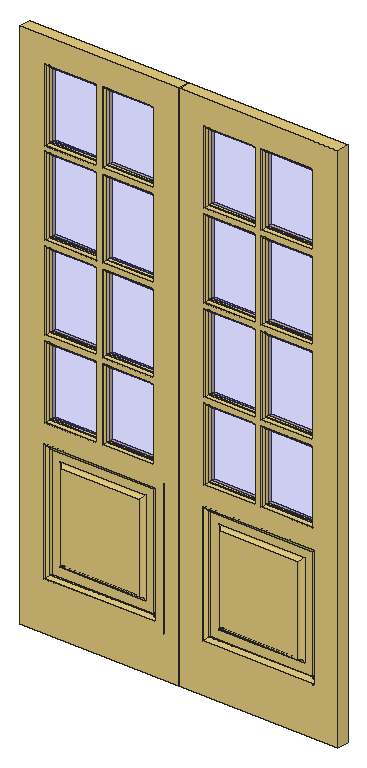
Revit family "DTI_A3-L8RP-Double", category Generic Models, Revit 2016
Family settings
  Part Type = Undefined
  Can host rebar = No
  Round Connector Dimension = Use Diameter
  Work Plane-Based = No
  Always vertical = Yes
  Cut with Voids When Loaded = No
  Shared = No
  Room Calculation Point = No
Parameters (values of type "Double Door")
  Width = 1206 mm
  Height = 2032 mm
  Glass Material = Glass
  Frame Material = Kiln Dried Wood
Reference planes
  plane 1 "Center (Front/Back)": y = 0
  plane 2: z = 0
  plane 3 "Center (Left/Right)": x = 0
  plane 4: x = -603
  plane 5: x = 603
  plane 6: z = 2032
  plane 7: z = 1972
  plane 8: z = 155
  plane 9: z = 1354.667
  plane 10: z = 677.333
  plane 11: z = 682.583
  plane 12: z = 672.083
  plane 13: x = -543
  plane 14: x = -60
  plane 15: x = 60
  plane 16: x = 543
  plane 17: x = -301.5
  plane 18: z = 1004.938
  plane 19: x = 301.5
  plane 20: z = 1327.292
  plane 21: z = 1649.646
Forms (mm)
  Sweep 1, solid, material "Kiln Dried Wood" <- "Frame Material"
    path origin (0, 0, 0) x (1, 0, 0) y (0, 0, 1)
      loop
        line (-603, 0) -> (0, 0)
    profile "Solid B : Solid B" origin (-301.5, 0, 0) x (0, 0, 1) y (0, -1, 0)
      loop
        line (0, -22) -> (185, -22) -> (185, -20) -> (200, -11) -> (200, -6) -> (155, -6) -> (155, 6) -> (200, 6) -> (200, 11) -> (185, 20) -> (185, 22) -> (0, 22) -> (0, -22)
  Sweep 2, solid, material "Kiln Dried Wood" <- "Frame Material"
    path origin (0, 0, 0) x (1, 0, 0) y (0, 0, 1)
      loop
        line (-603, 677.333) -> (-603, 2032) -> (0, 2032) -> (0, 677.333)
    profile "Glass T : Glass T" origin (-301.5, 0, 2032) x (0, 0, 1) y (0, -1, 0)
      loop
        line (0, -22) -> (0, 22) -> (-95, 22) -> (-95, 20)
        arc (-95, 20) -> (-100.657, 17.657) -> (-103, 12) r 8
        line (-103, 12) -> (-105, 12) -> (-105, 2) -> (-60, 2) -> (-60, -10) -> (-96, -10) -> (-96, -22) -> (0, -22)
  Extrusion 3, solid, material "Glass" <- "Glass Material"
    sketch origin (0, 0, 0) x (1, 0, 0) y (0, 1, 0)
      loop
        line (-543, 10) -> (-543, -2) -> (-60, -2) -> (-60, 10) -> (-543, 10)
    from 682.583 to 1972
  Sweep 4, solid, material "Kiln Dried Wood" <- "Frame Material"
    path origin (0, 0, 0) x (1, 0, 0) y (0, 0, 1)
      loop
        line (0, 677.333) -> (0, 2032) -> (603, 2032) -> (603, 677.333)
    profile "Glass T : Glass T" origin (301.5, 0, 2032) x (0, 0, 1) y (0, -1, 0)
      loop
        line (0, -22) -> (0, 22) -> (-95, 22) -> (-95, 20)
        arc (-95, 20) -> (-100.657, 17.657) -> (-103, 12) r 8
        line (-103, 12) -> (-105, 12) -> (-105, 2) -> (-60, 2) -> (-60, -10) -> (-96, -10) -> (-96, -22) -> (0, -22)
  Sweep 5, solid, material "Kiln Dried Wood" <- "Frame Material"
    path origin (0, 0, 0) x (1, 0, 0) y (0, 0, 1)
      loop
        line (0, 0) -> (603, 0)
    profile "Solid B : Solid B" origin (301.5, 0, 0) x (0, 0, 1) y (0, -1, 0)
      loop
        line (0, -22) -> (185, -22) -> (185, -20) -> (200, -11) -> (200, -6) -> (155, -6) -> (155, 6) -> (200, 6) -> (200, 11) -> (185, 20) -> (185, 22) -> (0, 22) -> (0, -22)
  Extrusion 6, solid, material "Glass" <- "Glass Material"
    sketch origin (0, 0, 0) x (1, 0, 0) y (0, 1, 0)
      loop
        line (60, 10) -> (60, -2) -> (543, -2) -> (543, 10) -> (60, 10)
    from 682.583 to 1972
  Sweep 7, solid, material "Kiln Dried Wood" <- "Frame Material"
    path origin (0, 0, 0) x (1, 0, 0) y (0, 0, 1)
      loop
        line (-603, 677.333) -> (0, 677.333)
    profile "Glass M spec : Glass M spec" origin (-301.5, 0, 677.333) x (0, 0, 1) y (0, -1, 0)
      loop
        line (40.25, 22) -> (-35.25, 22) -> (-35.25, 20) -> (-50.25, 11) -> (-50.25, 6) -> (-5.25, 6) -> (-5.25, -6) -> (-50.25, -6) -> (-50.25, -11) -> (-35.25, -20) -> (-35.25, -22) -> (41.25, -22) -> (41.25, -10) -> (5.25, -10) -> (5.25, 2) -> (50.25, 2) -> (50.25, 12) -> (48.25, 12)
        arc (48.25, 12) -> (45.907, 17.657) -> (40.25, 20) r 8
        line (40.25, 20) -> (40.25, 22)
  Sweep 8, solid, material "Kiln Dried Wood" <- "Frame Material"
    path origin (0, 0, 0) x (1, 0, 0) y (0, 0, 1)
      loop
        line (0, 677.333) -> (603, 677.333)
    profile "Glass M spec : Glass M spec" origin (301.5, 0, 677.333) x (0, 0, 1) y (0, -1, 0)
      loop
        line (40.25, 22) -> (-35.25, 22) -> (-35.25, 20) -> (-50.25, 11) -> (-50.25, 6) -> (-5.25, 6) -> (-5.25, -6) -> (-50.25, -6) -> (-50.25, -11) -> (-35.25, -20) -> (-35.25, -22) -> (41.25, -22) -> (41.25, -10) -> (5.25, -10) -> (5.25, 2) -> (50.25, 2) -> (50.25, 12) -> (48.25, 12)
        arc (48.25, 12) -> (45.907, 17.657) -> (40.25, 20) r 8
        line (40.25, 20) -> (40.25, 22)
  Sweep 9, solid, material "Kiln Dried Wood" <- "Frame Material"
    path origin (0, 0, 0) x (1, 0, 0) y (0, 0, 1)
      loop
        line (-603, 677.333) -> (-603, 155)
    profile "Solid T : Solid T" origin (-603, 0, 416.167) x (1, 0, 0) y (0, -1, 0)
      loop
        line (0, -22) -> (90, -22) -> (90, -20) -> (105, -11) -> (105, -6) -> (60, -6) -> (60, 6) -> (105, 6) -> (105, 11) -> (90, 20) -> (90, 22) -> (0, 22) -> (0, -22)
  Sweep 10, solid, material "Kiln Dried Wood" <- "Frame Material"
    path origin (-603, 0, 0) x (-1, 0, 0) y (0, 0, 1)
      loop
        line (-603, 677.333) -> (-603, 155)
    profile "Solid T : Solid T" origin (0, 0, 416.167) x (-1, 0, 0) y (0, 1, 0)
      loop
        line (0, 22) -> (0, -22) -> (90, -22) -> (90, -20) -> (105, -11) -> (105, -6) -> (60, -6) -> (60, 6) -> (105, 6) -> (105, 11) -> (90, 20) -> (90, 22) -> (0, 22)
  Sweep 11, solid, material "Kiln Dried Wood" <- "Frame Material"
    path origin (660, 0, 0) x (1, 0, 0) y (0, 0, 1)
      loop
        line (-660, 677.333) -> (-660, 155)
    profile "Solid T : Solid T" origin (0, 0, 416.167) x (1, 0, 0) y (0, -1, 0)
      loop
        line (0, -22) -> (90, -22) -> (90, -20) -> (105, -11) -> (105, -6) -> (60, -6) -> (60, 6) -> (105, 6) -> (105, 11) -> (90, 20) -> (90, 22) -> (0, 22) -> (0, -22)
  Sweep 12, solid, material "Kiln Dried Wood" <- "Frame Material"
    path origin (0, 0, 0) x (-1, 0, 0) y (0, 0, 1)
      loop
        line (-603, 677.333) -> (-603, 155)
    profile "Solid T : Solid T" origin (603, 0, 416.167) x (-1, 0, 0) y (0, 1, 0)
      loop
        line (0, 22) -> (0, -22) -> (90, -22) -> (90, -20) -> (105, -11) -> (105, -6) -> (60, -6) -> (60, 6) -> (105, 6) -> (105, 11) -> (90, 20) -> (90, 22) -> (0, 22)
  Extrusion 13, solid, material "Kiln Dried Wood" <- "Frame Material"
    sketch origin (0, 0, 0) x (1, 0, 0) y (0, 1, 0)
      loop
        line (-543, 20) -> (-543, -20) -> (-60, -20) -> (-60, 20) -> (-543, 20)
    from 155 to 672.083
  Sweep 14, void
    path origin (0, 0, 0) x (1, 0, 0) y (0, 0, 1)
      loop
        line (-543, 672.083) -> (-543, 155) -> (-60, 155) -> (-60, 672.083) -> (-543, 672.083)
    profile "Void : Void" origin (-301.5, 0, 672.083) x (0, 0, 1) y (0, -1, 0)
      loop
        line (-44.95, -11) -> (-44.95, -6) -> (-78.778, -6)
        arc (-78.778, -6) -> (-88.678, -10.101) -> (-92.778, -20) r 14
        line (-92.778, -20) -> (-92.778, -27) -> (-29.95, -27) -> (-29.95, -20) -> (-44.95, -11)
      loop
        line (-44.95, 11) -> (-29.95, 20) -> (-29.95, 27) -> (-92.778, 27) -> (-92.778, 20)
        arc (-92.778, 20) -> (-88.678, 10.101) -> (-78.778, 6) r 14
        line (-78.778, 6) -> (-44.95, 6) -> (-44.95, 11)
  Extrusion 15, solid, material "Kiln Dried Wood" <- "Frame Material"
    sketch origin (0, 0, 0) x (1, 0, 0) y (0, 1, 0)
      loop
        line (60, 20) -> (60, -20) -> (543, -20) -> (543, 20) -> (60, 20)
    from 155 to 672.083
  Sweep 16, void
    path origin (0, 0, 0) x (1, 0, 0) y (0, 0, 1)
      loop
        line (60, 672.083) -> (60, 155) -> (543, 155) -> (543, 672.083) -> (60, 672.083)
    profile "Void : Void" origin (301.5, 0, 672.083) x (0, 0, 1) y (0, -1, 0)
      loop
        line (-44.95, -11) -> (-44.95, -6) -> (-78.778, -6)
        arc (-78.778, -6) -> (-88.678, -10.101) -> (-92.778, -20) r 14
        line (-92.778, -20) -> (-92.778, -27) -> (-29.95, -27) -> (-29.95, -20) -> (-44.95, -11)
      loop
        line (-44.95, 11) -> (-29.95, 20) -> (-29.95, 27) -> (-92.778, 27) -> (-92.778, 20)
        arc (-92.778, 20) -> (-88.678, 10.101) -> (-78.778, 6) r 14
        line (-78.778, 6) -> (-44.95, 6) -> (-44.95, 11)
  Sweep 17, solid, material "Kiln Dried Wood" <- "Frame Material"
    path origin (0, 0, 0) x (1, 0, 0) y (0, 0, 1)
      loop
        line (-543, 1004.938) -> (-60, 1004.938)
    profile "Glass S : Glass S" origin (-301.5, 0, 1004.938) x (0, 0, 1) y (0, -1, 0)
      loop
        line (-10, 22) -> (-10, 20)
        arc (-10, 20) -> (-15.657, 17.657) -> (-18, 12) r 8
        line (-18, 12) -> (-20, 12) -> (-20, 2) -> (-5.25, 2) -> (-5.25, -10) -> (-11, -10) -> (-11, -22) -> (11, -22) -> (11, -10) -> (5.25, -10) -> (5.25, 2) -> (20, 2) -> (20, 12) -> (18, 12)
        arc (18, 12) -> (15.657, 17.657) -> (10, 20) r 8
        line (10, 20) -> (10, 22) -> (-10, 22)
  Sweep 18, solid, material "Kiln Dried Wood" <- "Frame Material"
    path origin (684.28, 0, 79.266) x (1, 0, 0) y (0, 0, 1)
      loop
        line (-624.28, 925.671) -> (-141.28, 925.671)
    profile "Glass S : Glass S" origin (301.5, 0, 1004.938) x (0, 0, 1) y (0, -1, 0)
      loop
        line (-10, 22) -> (-10, 20)
        arc (-10, 20) -> (-15.657, 17.657) -> (-18, 12) r 8
        line (-18, 12) -> (-20, 12) -> (-20, 2) -> (-5.25, 2) -> (-5.25, -10) -> (-11, -10) -> (-11, -22) -> (11, -22) -> (11, -10) -> (5.25, -10) -> (5.25, 2) -> (20, 2) -> (20, 12) -> (18, 12)
        arc (18, 12) -> (15.657, 17.657) -> (10, 20) r 8
        line (10, 20) -> (10, 22) -> (-10, 22)
  Sweep 19, solid, material "Kiln Dried Wood" <- "Frame Material"
    path origin (1143.133, 0, 1322.536) x (-0.156434, 0, 0.987688) y (-0.987688, 0, -0.156434)
      loop
        line (-500.413, 931.381) -> (773.129, 729.672)
    profile "Glass S : Glass S" origin (301.5, 0, 1327.292) x (-1, 0, 0) y (0, -1, 0)
      loop
        line (-10, 22) -> (-10, 20)
        arc (-10, 20) -> (-15.657, 17.657) -> (-18, 12) r 8
        line (-18, 12) -> (-20, 12) -> (-20, 2) -> (-5.25, 2) -> (-5.25, -10) -> (-11, -10) -> (-11, -22) -> (11, -22) -> (11, -10) -> (5.25, -10) -> (5.25, 2) -> (20, 2) -> (20, 12) -> (18, 12)
        arc (18, 12) -> (15.657, 17.657) -> (10, 20) r 8
        line (10, 20) -> (10, 22) -> (-10, 22)
  Sweep 20, solid, material "Kiln Dried Wood" <- "Frame Material"
    path origin (463.133, 0, 1322.536) x (-0.156434, 0, 0.987688) y (-0.987688, 0, -0.156434)
      loop
        line (-512.459, 855.329) -> (761.083, 653.62)
    profile "Glass S : Glass S" origin (-301.5, 0, 1327.292) x (-1, 0, 0) y (0, -1, 0)
      loop
        line (-10, 22) -> (-10, 20)
        arc (-10, 20) -> (-15.657, 17.657) -> (-18, 12) r 8
        line (-18, 12) -> (-20, 12) -> (-20, 2) -> (-5.25, 2) -> (-5.25, -10) -> (-11, -10) -> (-11, -22) -> (11, -22) -> (11, -10) -> (5.25, -10) -> (5.25, 2) -> (20, 2) -> (20, 12) -> (18, 12)
        arc (18, 12) -> (15.657, 17.657) -> (10, 20) r 8
        line (10, 20) -> (10, 22) -> (-10, 22)
  Sweep 21, solid, material "Kiln Dried Wood" <- "Frame Material"
    path origin (0, 0, 220) x (1, 0, 0) y (0, 0, 1)
      loop
        line (-543, 1107.292) -> (-60, 1107.292)
    profile "Glass S : Glass S" origin (-301.5, 0, 1327.292) x (0, 0, 1) y (0, -1, 0)
      loop
        line (-10, 22) -> (-10, 20)
        arc (-10, 20) -> (-15.657, 17.657) -> (-18, 12) r 8
        line (-18, 12) -> (-20, 12) -> (-20, 2) -> (-5.25, 2) -> (-5.25, -10) -> (-11, -10) -> (-11, -22) -> (11, -22) -> (11, -10) -> (5.25, -10) -> (5.25, 2) -> (20, 2) -> (20, 12) -> (18, 12)
        arc (18, 12) -> (15.657, 17.657) -> (10, 20) r 8
        line (10, 20) -> (10, 22) -> (-10, 22)
  Sweep 22, solid, material "Kiln Dried Wood" <- "Frame Material"
    path origin (684.28, 0, 299.266) x (1, 0, 0) y (0, 0, 1)
      loop
        line (-624.28, 1028.026) -> (-141.28, 1028.026)
    profile "Glass S : Glass S" origin (301.5, 0, 1327.292) x (0, 0, 1) y (0, -1, 0)
      loop
        line (-10, 22) -> (-10, 20)
        arc (-10, 20) -> (-15.657, 17.657) -> (-18, 12) r 8
        line (-18, 12) -> (-20, 12) -> (-20, 2) -> (-5.25, 2) -> (-5.25, -10) -> (-11, -10) -> (-11, -22) -> (11, -22) -> (11, -10) -> (5.25, -10) -> (5.25, 2) -> (20, 2) -> (20, 12) -> (18, 12)
        arc (18, 12) -> (15.657, 17.657) -> (10, 20) r 8
        line (10, 20) -> (10, 22) -> (-10, 22)
  Sweep 23, solid, material "Kiln Dried Wood" <- "Frame Material"
    path origin (0, 0, 520) x (1, 0, 0) y (0, 0, 1)
      loop
        line (-543, 1129.646) -> (-60, 1129.646)
    profile "Glass S : Glass S" origin (-301.5, 0, 1649.646) x (0, 0, 1) y (0, -1, 0)
      loop
        line (-10, 22) -> (-10, 20)
        arc (-10, 20) -> (-15.657, 17.657) -> (-18, 12) r 8
        line (-18, 12) -> (-20, 12) -> (-20, 2) -> (-5.25, 2) -> (-5.25, -10) -> (-11, -10) -> (-11, -22) -> (11, -22) -> (11, -10) -> (5.25, -10) -> (5.25, 2) -> (20, 2) -> (20, 12) -> (18, 12)
        arc (18, 12) -> (15.657, 17.657) -> (10, 20) r 8
        line (10, 20) -> (10, 22) -> (-10, 22)
  Sweep 24, solid, material "Kiln Dried Wood" <- "Frame Material"
    path origin (684.28, 0, 599.266) x (1, 0, 0) y (0, 0, 1)
      loop
        line (-624.28, 1050.38) -> (-141.28, 1050.38)
    profile "Glass S : Glass S" origin (301.5, 0, 1649.646) x (0, 0, 1) y (0, -1, 0)
      loop
        line (-10, 22) -> (-10, 20)
        arc (-10, 20) -> (-15.657, 17.657) -> (-18, 12) r 8
        line (-18, 12) -> (-20, 12) -> (-20, 2) -> (-5.25, 2) -> (-5.25, -10) -> (-11, -10) -> (-11, -22) -> (11, -22) -> (11, -10) -> (5.25, -10) -> (5.25, 2) -> (20, 2) -> (20, 12) -> (18, 12)
        arc (18, 12) -> (15.657, 17.657) -> (10, 20) r 8
        line (10, 20) -> (10, 22) -> (-10, 22)
Cuts and joins
  Sweep 14 cuts Extrusion 13
  Sweep 16 cuts Extrusion 15
  joined: Sweep 1, Sweep 2, Sweep 7, Sweep 9, Sweep 10, Sweep 17, Sweep 20, Sweep 21, Sweep 23
  joined: Sweep 4, Sweep 5, Sweep 8, Sweep 11, Sweep 12, Sweep 18, Sweep 19, Sweep 22, Sweep 24
Dimensions and locks
  equal spacing: plane 4, plane 3 "Center (Left/Right)", plane 5
  "Width": plane 4 to plane 5
  "Height": plane 6 to level
  locked: plane 8 to level at 155
  locked: plane 6 to plane 7 at 60
  equal spacing: plane 6, plane 9, plane 10, level
  locked: plane 11 to plane 10 at 5.25
  locked: plane 12 to plane 10 at 5.25
  locked: plane 4 to plane 13 at 60
  locked: plane 3 "Center (Left/Right)" to plane 14 at 60
  locked: plane 3 "Center (Left/Right)" to plane 15 at 60
  locked: plane 5 to plane 16 at 60
  equal spacing: plane 14, plane 17, plane 13
  equal spacing: plane 16, plane 19, plane 15
  equal spacing: plane 7, plane 21, plane 20, plane 18, plane 11
  aligned and locked: Sweep 1 sketch curve to level
  aligned and locked: plane 4 to Sweep 1 sketch curve
  aligned and locked: Sweep 2 sketch curve to plane 6
  aligned and locked: Sweep 2 sketch curve to plane 4
  aligned and locked: plane 7 to Extrusion 3
  aligned and locked: Sweep 2 sketch curve to plane 3 "Center (Left/Right)"
  aligned and locked: plane 3 "Center (Left/Right)" to Sweep 1 sketch curve
  aligned and locked: Sweep 4 sketch curve to plane 3 "Center (Left/Right)"
  aligned and locked: Sweep 4 sketch curve to plane 6
  aligned and locked: plane 5 to Sweep 4 sketch curve
  aligned and locked: plane 3 "Center (Left/Right)" to Sweep 5 sketch curve
  aligned and locked: plane 5 to Sweep 5 sketch curve
  aligned and locked: Sweep 5 sketch curve to level
  aligned and locked: plane 7 to Extrusion 6
  aligned and locked: plane 4 to Sweep 7 sketch curve
  aligned and locked: plane 3 "Center (Left/Right)" to Sweep 7 sketch curve
  aligned and locked: Sweep 7 sketch curve to plane 10
  aligned and locked: plane 3 "Center (Left/Right)" to Sweep 8 sketch curve
  aligned and locked: plane 5 to Sweep 8 sketch curve
  aligned and locked: Sweep 8 sketch curve to plane 10
  aligned and locked: plane 10 to Sweep 9 sketch curve
  aligned and locked: plane 8 to Sweep 9 sketch curve
  aligned and locked: Sweep 9 sketch curve to plane 4
  aligned and locked: plane 10 to Sweep 10 sketch curve
  aligned and locked: plane 8 to Sweep 10 sketch curve
  aligned and locked: Sweep 10 sketch curve to plane 3 "Center (Left/Right)"
  aligned and locked: plane 11 to Extrusion 6
  aligned and locked: plane 11 to Extrusion 3
  aligned and locked: plane 10 to Sweep 2 sketch curve  (x2)
  aligned and locked: plane 10 to Sweep 11 sketch curve
  aligned and locked: plane 8 to Sweep 11 sketch curve
  aligned and locked: Sweep 11 sketch curve to plane 3 "Center (Left/Right)"
  aligned and locked: plane 10 to Sweep 4 sketch curve  (x2)
  aligned and locked: plane 10 to Sweep 12 sketch curve
  aligned and locked: plane 8 to Sweep 12 sketch curve
  aligned and locked: plane 5 to Sweep 12 sketch curve
  aligned and locked: plane 12 to Extrusion 13
  aligned and locked: Extrusion 13 to plane 8
  aligned and locked: plane 13 to Sweep 14 sketch curve
  aligned and locked: plane 8 to Sweep 14 sketch curve
  aligned and locked: plane 14 to Sweep 14 sketch curve
  aligned and locked: Sweep 14 sketch curve to plane 12
  aligned and locked: plane 15 to Extrusion 15 sketch curve
  aligned and locked: plane 16 to Extrusion 15 sketch curve
  aligned and locked: plane 12 to Extrusion 15
  aligned and locked: Extrusion 15 to plane 8
  aligned and locked: plane 15 to Sweep 16 sketch curve
  aligned and locked: Sweep 16 sketch curve to plane 12
  aligned and locked: plane 8 to Sweep 16 sketch curve
  aligned and locked: plane 16 to Sweep 16 sketch curve
  aligned and locked: plane 13 to Sweep 17 sketch curve
  aligned and locked: plane 14 to Sweep 17 sketch curve
  aligned and locked: Sweep 17 sketch curve to plane 18
  aligned and locked: plane 17 to Sweep 20 sketch curve
  aligned and locked: plane 11 to Sweep 20 sketch curve
  aligned and locked: plane 7 to Sweep 20 sketch curve
  aligned and locked: plane 19 to Sweep 19 sketch curve
  aligned and locked: plane 11 to Sweep 19 sketch curve
  aligned and locked: plane 7 to Sweep 19 sketch curve
  aligned and locked: plane 15 to Sweep 18 sketch curve
  aligned and locked: plane 16 to Sweep 18 sketch curve
  aligned and locked: Sweep 18 sketch curve to plane 18
  aligned and locked: Sweep 21 sketch curve to plane 20
  aligned and locked: Sweep 22 sketch curve to plane 20
  aligned and locked: Sweep 23 sketch curve to plane 21
  aligned and locked: Sweep 24 sketch curve to plane 21
  aligned and locked: plane 13 to Sweep 21 sketch curve
  aligned and locked: plane 14 to Sweep 21 sketch curve
  aligned and locked: plane 15 to Sweep 22 sketch curve
  aligned and locked: plane 16 to Sweep 22 sketch curve
  aligned and locked: plane 15 to Sweep 24 sketch curve
  aligned and locked: plane 16 to Sweep 24 sketch curve
  aligned and locked: plane 13 to Sweep 23 sketch curve
  aligned and locked: plane 14 to Sweep 23 sketch curve
Automatic sketch dimensions
  plane 1 "Center (Front/Back)" to Extrusion 3 sketch curve = 2 mm
  plane 4 to Extrusion 3 sketch curve = 60 mm
  Extrusion 3 sketch curve to plane 3 "Center (Left/Right)" = 60 mm
  Extrusion 3 sketch curve to plane 1 "Center (Front/Back)" = 10 mm
  plane 1 "Center (Front/Back)" to Extrusion 6 sketch curve = 2 mm
  plane 3 "Center (Left/Right)" to Extrusion 6 sketch curve = 60 mm
  plane 5 to Extrusion 6 sketch curve = 60 mm
  Extrusion 6 sketch curve to plane 1 "Center (Front/Back)" = 10 mm
  Extrusion 13 sketch curve to plane 13 = 0 mm
  Extrusion 13 sketch curve to plane 14 = 0 mm
  plane 1 "Center (Front/Back)" to Extrusion 13 sketch curve = 20 mm
  Extrusion 13 sketch curve to plane 1 "Center (Front/Back)" = 20 mm
  plane 1 "Center (Front/Back)" to Extrusion 15 sketch curve = 20 mm
  Extrusion 15 sketch curve to plane 1 "Center (Front/Back)" = 20 mm
